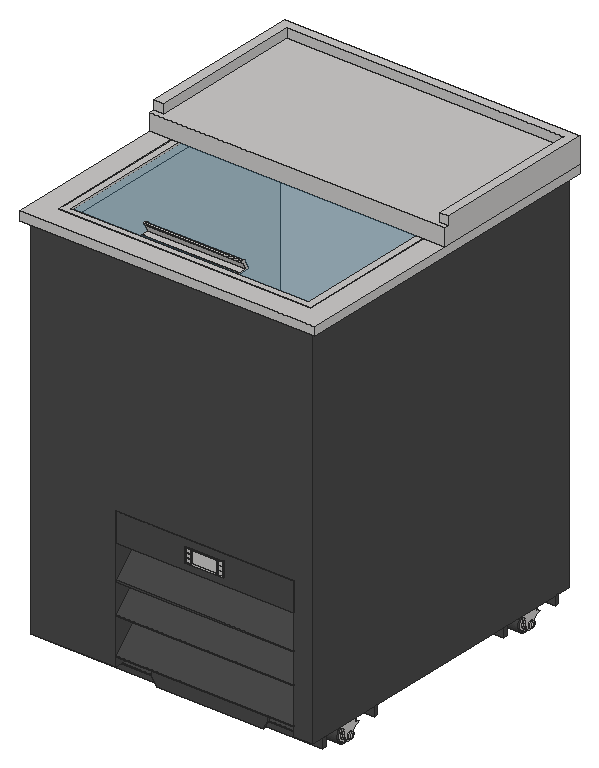
Revit family "QF_Kelvinator_738327_KCHGF24", category Specialty Equipment, Revit 2021
Family settings
  Round Connector Dimension = Use Diameter
  Part Type = Normal
  Work Plane-Based = No
  Always vertical = Yes
  Cut with Voids When Loaded = No
  Shared = No
  Room Calculation Point = No
Parameters
  Weight in Pounds = 121.254
  Weight = 55.00 lbm
  Watts = 0 W
  Volts = 115 V
  URL Manufacturer = "KELVINATOR"
  URL Cutsheet = ""
  URL = "KELVINATOR"
  Specification by User = ""
  Specification by Manufacturer = ""
  Serial Number = ""
  Seismic Rating = ""
  SMACNA No = ""
  Revision Code = ""
  Refrigerant Type = "R290"
  Phase = 1
  Number of Poles = 1
  NAFEM Spec ID Number = ""
  Model = "KCHGF24"
  Min Ckt Ampacity = 0 A
  Max Overcurrent Protection = 0 A
  Masterspec = ""
  Manufacturer = "Kelvinator"
  Length Actual = 612"
  Length = 24 1/8"
  Item Number = "738327"
  Installed By = ""
  Identify Quantity as Lot = yes
  Height Actual = 885"
  Height = 34 13/16"
  HP = "0.9 HP"
  Gas KW = 0
  Furnished By = ""
  Foodservice Equipment Identifier = yes
  FL Amps = 1.5 A
  Electrical Remarks = ""
  Electric Connection Type = ""
  Elec Conn RI Height = 0"
  Elec Conn Connection Height = 0"
  Description = "SLIDE TOP MUG/GLASS FROSTER 24\" LONG"
  Depth Actual = 687"
  Depth = 27 1/16"
  Default Elevation = 0"
  Cycle = 60 Hz
  Conn Plug = "5-15P"
  Conn Conduit = yes
  CSI MasterFormat = ""
  Apparent Power = 0 VA
  Accessory = no
Reference planes (in)
  plane 1 "BACK": y = 0
  plane 2: z = 0
  plane 3 "LEFT": x = 0
  plane 4 "RIGHT": x = 24.125
  plane 5 "FRONT": y = -27.0625
  plane 6 "TOP": z = 34.8125
  plane 7 "Center Y": x = 12.0625
  plane 8 "Center X": y = -13.53125
Dimensions and locks (in)
  equal spacing: plane 3 "LEFT", plane 7 "Center Y", plane 4 "RIGHT"
  "Length": plane 3 "LEFT" to plane 4 "RIGHT"
  equal spacing: plane 5 "FRONT", plane 8 "Center X", plane 1 "BACK"
  "Depth": plane 5 "FRONT" to plane 1 "BACK"
  "Height": plane 6 "TOP" to level
  aligned and locked: level to plane 2
Nested families (in)
  nested 1: "Family1" at (0, 0, 0), type "Family1"
Connectors (in)
  electrical at (10.2045, -1.10078, 1.25331), driven by "Volts", driven by "Watts"
    settings: on nested 1, index 1, voltage 115 V, apparent load 0 VA, apparent load phase1 0 VA, apparent load phase2 0 VA, apparent load phase3 0 VA, power factor 1, load classification "Power", number of poles 1, system type 30, power factor state 1, is connector primary yes, connector utility no, sub classification motor no, connector description "Electrical Connection"
Definition of nested family "Family1"
  Parameters (values of type "Family1")
    Weight in Pounds = 0
    URL Cutsheet = ""
    Specification by User = ""
    Specification by Manufacturer = ""
    Serial Number = ""
    Seismic Rating = ""
    SMACNA No = ""
    Revision Code = ""
    NAFEM Spec ID Number = ""
    Masterspec = ""
    Length = 24.094"
    Item Number = ""
    Installed By = ""
    Identify Quantity as Lot = yes
    Height = 34.843"
    Furnished By = ""
    Foodservice Equipment Identifier = yes
    Depth = 27.047"
    Default Elevation = 0"
    CSI MasterFormat = ""
  Reference planes (in)
    plane 1 "BACK": y = 0
    plane 2: z = 0
    plane 3 "LEFT": x = 0
    plane 4 "RIGHT": x = 24.094
    plane 5 "FRONT": y = -27.047
    plane 6 "TOP": z = 34.843
    plane 7 "Center Y": x = 12.047
    plane 8 "Center X": y = -13.5235
    plane 9: z = 1.7375
    plane 10: z = 13.2
    plane 11: x = 22.5565
    plane 12: x = 1.5
    plane 13: y = -26.5735
    plane 14: y = -0.4735
    plane 15: x = 23.5795
    plane 16: x = 0.5145
    plane 17: z = 32.7275
    plane 18: z = 32.0275
    plane 19: x = 24.125
    plane 20: y = -27.0625
    plane 21: z = 34.8125
  Forms (in)
    Extrusion 1, solid
      sketch origin (0, 0, 0) x (0, 1, 0) y (0, 0, 1)
        loop
          line (-26.5735, 32.0275) -> (-26.5735, 1.7375) -> (-0.4735, 1.7375) -> (-0.4735, 32.0275) -> (-26.5735, 32.0275)
      from 0.5145 to 23.5795
    Extrusion 2, solid
      sketch origin (0, 0, 7.1225) x (0, 1, 0) y (0, 0, 1)
        loop
          line (-27.0625, 24.905) -> (0, 24.905) -> (0, 25.605) -> (-27.0625, 25.605) -> (-27.0625, 24.905)
      from 0 to 24.125
    Extrusion 3, solid
      sketch origin (0, 0, 0) x (0, 1, 0) y (0, 0, 1)
        loop
          line (-13.75, 32.7275) -> (0, 32.7275) -> (0, 34.093) -> (-13.75, 34.093) -> (-13.75, 32.7275)
      from 0 to 24.125
    Extrusion 4, solid
      sketch origin (0, 0, 34.093) x (0, -1, 0) y (1, 0, 0)
        loop
          line (0, 24.125) -> (0, 0) -> (13.33441, 0) -> (13.33441, 0.75) -> (0.69634, 0.75) -> (0.69634, 23.375) -> (13.33441, 23.375) -> (13.33441, 24.125) -> (0, 24.125)
      from 0 to 0.7195
    Extrusion 5, void
      sketch origin (0, 0.25, 32.7275) x (1, 0, 0) y (0, -1, 0)
        loop
          line (1.7475, 2.9345) -> (22.3375, 2.9345) -> (22.3375, 25.05) -> (1.7475, 25.05) -> (1.7475, 2.9345)
      from 0 to 17.9
    Extrusion 6, solid
      sketch origin (0, -27.047, 32.0275) x (1, 0, 0) y (0, -1, 0)
        loop
          line (2.35625, -16.74637) -> (21.8375, -16.74637) -> (21.8375, -2.247) -> (2.35625, -2.247) -> (2.35625, -16.74637)
      from 0 to -0.57542
    Extrusion 7, solid
      sketch origin (12.047, -181, 39.197) x (0, 0, -1) y (0, -1, 0)
        loop
          arc (6.4695, -156.32682) -> (6.4445, -156.30182) -> (6.4195, -156.32682) r 0.025
          line (6.4195, -156.32682) -> (6.4195, -156.96622) -> (5.86732, -156.69013)
          arc (5.86732, -156.69013) -> (5.79987, -156.64151) -> (5.75125, -156.57405) r 0.25955
          arc (5.75125, -156.57405) -> (5.69185, -156.58585) -> (5.65694, -156.63533) r 0.08161
          arc (5.65694, -156.63533) -> (5.67142, -156.77836) -> (5.77169, -156.8814) r 0.21839
          line (5.77169, -156.8814) -> (6.40165, -157.19639)
          arc (6.40165, -157.19639) -> (6.44727, -157.19433) -> (6.4695, -157.15445) r 0.04688
          line (6.4695, -157.15445) -> (6.4695, -156.32682)
      from -4 to 4
    Extrusion 8, void
      sketch origin (34.879, -27.76247, 48) x (0, -1, 0) y (0, 0, -1)
        loop
          line (-0.93897, 46.5) -> (-3.02319, 46.5) -> (-3.02319, 34.8) -> (-0.93897, 34.8) -> (-0.93897, 46.5)
      from -12.835 to -27.435
    Extrusion 9, solid
      sketch origin (16.28737, -26.5735, 2.88123) x (-1, 0, 0) y (0, 0, 1)
        loop
          line (3.11817, 9.70772) -> (-0.03143, 9.70772) -> (-0.03143, 8.52662) -> (3.11817, 8.52662) -> (3.11817, 9.70772)
        loop
          line (3.03943, 9.63107) -> (2.64573, 9.63107) -> (2.64573, 9.31193) -> (3.03943, 9.31193) -> (3.03943, 9.63107)
        loop
          line (3.03943, 9.27674) -> (2.64573, 9.27674) -> (2.64573, 8.9576) -> (3.03943, 8.9576) -> (3.03943, 9.27674)
        loop
          line (3.03943, 8.92241) -> (2.64573, 8.92241) -> (2.64573, 8.60327) -> (3.03943, 8.60327) -> (3.03943, 8.92241)
        loop
          line (0.04731, 9.63107) -> (0.04731, 9.31193) -> (0.44101, 9.31193) -> (0.44101, 9.63107) -> (0.04731, 9.63107)
        loop
          line (0.04731, 9.27674) -> (0.04731, 8.9576) -> (0.44101, 8.9576) -> (0.44101, 9.27674) -> (0.04731, 9.27674)
        loop
          line (0.04731, 8.92241) -> (0.04731, 8.60327) -> (0.44101, 8.60327) -> (0.44101, 8.92241) -> (0.04731, 8.92241)
        loop
          line (2.56825, 9.63107) -> (0.51849, 9.63107) -> (0.51849, 8.60716) -> (2.56825, 8.60716) -> (2.56825, 9.63107)
      from 0.07874 to -0.04602
    Extrusion 10, solid
      sketch origin (16.28737, -26.61952, 2.88123) x (1, 0, 0) y (0, 0, 1)
        loop
          line (-0.44101, 9.63107) -> (-0.44101, 9.31193) -> (-0.04731, 9.31193) -> (-0.04731, 9.63107) -> (-0.44101, 9.63107)
        loop
          line (-0.44101, 9.27674) -> (-0.44101, 8.9576) -> (-0.04731, 8.9576) -> (-0.04731, 9.27674) -> (-0.44101, 9.27674)
        loop
          line (-0.44101, 8.92241) -> (-0.44101, 8.60327) -> (-0.04731, 8.60327) -> (-0.04731, 8.92241) -> (-0.44101, 8.92241)
        loop
          line (-2.64573, 9.63107) -> (-3.03943, 9.63107) -> (-3.03943, 9.31193) -> (-2.64573, 9.31193) -> (-2.64573, 9.63107)
        loop
          line (-2.64573, 9.27674) -> (-3.03943, 9.27674) -> (-3.03943, 8.9576) -> (-2.64573, 8.9576) -> (-2.64573, 9.27674)
        loop
          line (-2.64573, 8.92241) -> (-3.03943, 8.92241) -> (-3.03943, 8.60327) -> (-2.64573, 8.60327) -> (-2.64573, 8.92241)
      from 0 to -0.07874
    Extrusion 11, solid
      sketch origin (16.28737, -26.61952, 2.88123) x (1, 0, 0) y (0, 0, 1)
        loop
          line (-2.56825, 9.63107) -> (-2.56825, 8.60716) -> (-0.51849, 8.60716) -> (-0.51849, 9.63107) -> (-2.56825, 9.63107)
      from 0 to -0.07874
    Extrusion 12, void
      sketch origin (16.28737, -26.5735, 2.88123) x (-1, 0, 0) y (0, 0, 1)
        loop
          line (3.11817, 9.70772) -> (-0.03143, 9.70772) -> (-0.03143, 8.52662) -> (3.11817, 8.52662) -> (3.11817, 9.70772)
      from 0 to 0.07874
    Extrusion 13, solid
      sketch origin (11.325, -0.575, 1.7375) x (-1, 0, 0) y (0, 1, 0)
        loop
          circle (1.1205, -0.52578) r 0.25
      from 0 to 0.48419
    Extrusion 14, solid
      sketch origin (0, 0, 32.7275) x (0, -1, 0) y (1, 0, 0)
        loop
          line (10.30063, 1.7475) -> (25.3, 1.7475) -> (25.3, 22.3375) -> (10.30063, 22.3375) -> (10.30063, 21.8375) -> (24.8, 21.8375) -> (24.8, 2.35625) -> (10.30063, 2.35625) -> (10.30063, 1.7475)
      from 0 to -0.75
    Extrusion 15, solid
      sketch origin (0.5145, 0, 0) x (0, -1, 0) y (0, 0, 1)
        loop
          line (25.547, 1.7375) -> (25.297, 1.7375) -> (25.297, 0.9875) -> (25.547, 0.9875) -> (25.547, 1.7375)
        loop
          line (20.01664, 1.7375) -> (20.01664, 0.9875) -> (20.26664, 0.9875) -> (20.26664, 1.7375) -> (20.01664, 1.7375)
        loop
          line (7.047, 1.7375) -> (6.797, 1.7375) -> (6.797, 0.9875) -> (7.047, 0.9875) -> (7.047, 1.7375)
        loop
          line (1.51664, 1.7375) -> (1.51664, 0.9875) -> (1.76664, 0.9875) -> (1.76664, 1.7375) -> (1.51664, 1.7375)
      from 0 to -23.065
    Extrusion 16, solid
      sketch origin (0, -26.5735, 1.7375) x (0, 0, 1) y (-1, 0, 0)
        loop
          line (9.0593, -7.444) -> (9.0593, -22.044) -> (11.4625, -22.044) -> (11.4625, -7.444) -> (9.0593, -7.444)
      from 0 to -1.789
    Extrusion 17, solid
      sketch origin (7.444, -27.76247, 48) x (0, -1, 0) y (0, 0, -1)
        loop
          line (-1.18897, 45.5125) -> (-3.02319, 43.67828) -> (-3.02319, 43.42828) -> (-2.96019, 43.42828) -> (-2.96019, 43.65218) -> (-1.18897, 45.4234) -> (-1.18897, 45.5125)
        loop
          line (-1.18897, 42.5125) -> (-3.02319, 40.67828) -> (-3.02319, 40.42828) -> (-2.96019, 40.42828) -> (-2.96019, 40.65218) -> (-1.18897, 42.4234) -> (-1.18897, 42.5125)
        loop
          line (-1.18897, 40.0125) -> (-3.02319, 38.17828) -> (-3.02319, 37.92828) -> (-2.96019, 37.92828) -> (-2.96019, 38.15218) -> (-1.18897, 39.9234) -> (-1.18897, 40.0125)
        loop
          line (-3.02319, 46.2625) -> (-3.02319, 46.1995) -> (-1.77319, 46.1995) -> (-1.77319, 46.2625) -> (-3.02319, 46.2625)
      from 0 to 14.6
    Extrusion 18, solid
      sketch origin (7.444, -25.98928, 1.8005) x (0, 0, -1) y (1, 0, 0)
        loop
          line (-0.687, 12.05) -> (-0.687, 2.55) -> (0.063, 2.55) -> (0.71252, 2.925) -> (0.71252, 11.675) -> (0.063, 12.05) -> (-0.687, 12.05)
      from 0 to 0.063
  Cuts and joins
    joined: Extrusion 3, Extrusion 4
    Extrusion 5, Extrusion 8 cuts Extrusion 1
    Extrusion 5 cuts Extrusion 2
    Extrusion 12 cuts Extrusion 9
  Lines and regions (in)
    symbolic lines
      curve 1: line (0.75, -0.69634, 0) -> (23.344, -0.69634, 0)
      curve 2: line (24.125, 0, 0) -> (0, 0, 0)
      curve 3: line (0.75, -13.33441, 0) -> (0.75, -0.69634, 0)
      curve 4: line (0, 0, 0) -> (0, -27.0625, 0)
      curve 5: line (24.125, -27.0625, 0) -> (24.125, 0, 0)
      curve 6: line (23.344, -0.69634, 0) -> (23.344, -13.33441, 0)
      curve 7: line (23.344, -13.33441, 0) -> (24.125, -13.33441, 0)
      curve 8: line (0, -13.75, 0) -> (24.125, -13.75, 0)
      curve 9: line (0, -13.33441, 0) -> (0.75, -13.33441, 0)
      curve 10: line (0, -27.0625, 0) -> (24.125, -27.0625, 0)
      curve 11: line (1.7475, -25.2845, 0) -> (22.3065, -25.2845, 0)
      curve 12: line (1.7475, -13.75, 0) -> (1.7475, -25.2845, 0)
      curve 13: line (2.35625, -13.75, 0) -> (2.35625, -24.7845, 0)
      curve 14: line (22.3065, -13.75, 0) -> (22.3065, -25.2845, 0)
      curve 15: line (21.8065, -13.75, 0) -> (21.8065, -24.7845, 0)
      curve 16: line (21.8065, -24.7845, 0) -> (2.35625, -24.7845, 0)
      curve 17: line (16.047, -24.42595, 0) -> (8.047, -24.42595, 0)
      curve 18: line (16.047, -24.69818, 0) -> (16.047, -23.79866, 0)
      curve 19: line (8.047, -23.79866, 0) -> (8.047, -24.69818, 0)
      curve 20: line (8.047, -23.79866, 0) -> (16.047, -23.79866, 0)
      curve 21: line (8.047, -24.69818, 0) -> (16.047, -24.69818, 0)
      curve 22: line (2.35625, -23.72382, 0) -> (21.8065, -23.72382, 0)
  Dimensions and locks (in)
    equal spacing: plane 3 "LEFT", plane 7 "Center Y", plane 4 "RIGHT"
    "Length": plane 3 "LEFT" to plane 4 "RIGHT"
    equal spacing: plane 5 "FRONT", plane 8 "Center X", plane 1 "BACK"
    "Depth": plane 5 "FRONT" to plane 1 "BACK"
    "Height": plane 6 "TOP" to level
    plane 10 to cut or joined group of Extrusion 1, Extrusion 5, Extrusion 8 = 11.4625"
    locked: plane 4 "RIGHT" to plane 11 at 1.5375
    plane 13 to plane 14 = 26.1"
    plane 16 to plane 15 = 23.065"
    plane 9 to level = 1.7375"
    plane 18 to plane 17 = 0.7"
    cut or joined group of Extrusion 1, Extrusion 5, Extrusion 8 to cut or joined group of Extrusion 1, Extrusion 5, Extrusion 8 = 22.1155"
    locked: plane 15 to plane 4 "RIGHT" at 0.5145
    plane 3 "LEFT" to plane 19 = 24 1/8"
    plane 1 "BACK" to plane 20 = 27 1/16"
    plane 21 to level = 34 13/16"
    aligned and locked: level to plane 2
    aligned and locked: plane 11 to nested 3
    aligned and locked: cut or joined group of Extrusion 2, Extrusion 5 to Extrusion 14
    aligned and locked: Extrusion 14 to curve 12
    aligned and locked: plane 11 to nested 1
    aligned and locked: Extrusion 14 sketch curve to cut or joined group of Extrusion 2, Extrusion 5
    aligned and locked: cut or joined group of Extrusion 1, Extrusion 5, Extrusion 8 to Extrusion 17
    aligned and locked: cut or joined group of Extrusion 1, Extrusion 5, Extrusion 8 to plane 15
  Automatic sketch dimensions
    plane 1 "BACK" to Extrusion 1 sketch curve = 0.4735"
    Extrusion 1 sketch curve to plane 9 = 0"
    plane 5 "FRONT" to Extrusion 2 sketch curve = 0.0155"
    Extrusion 2 sketch curve to plane 1 "BACK" = 0"
    Extrusion 3 sketch curve to plane 1 "BACK" = 0"
    Extrusion 3 sketch curve to plane 6 "TOP" = 3/4"
    Extrusion 2 to Extrusion 5 sketch curve = 1.7475"
    Extrusion 2 to Extrusion 5 sketch curve = 1.7875"
    Extrusion 5 sketch curve to Extrusion 2 = 2.2625"
    Extrusion 6 sketch curve to Extrusion 2 = 2.35625"
    Extrusion 6 sketch curve to Extrusion 2 = 2.2625"
    Extrusion 6 sketch curve to Extrusion 6 sketch curve = 19.48125"
    Extrusion 6 sketch curve to Extrusion 2 = 10.30063"
    Extrusion 9 sketch curve to plane 10 = 0.61105"
    Extrusion 9 sketch curve to Extrusion 9 sketch curve = 0.07874"  (x3)
    Extrusion 9 sketch curve to Extrusion 9 sketch curve = 0"  (x8)
    Extrusion 9 sketch curve to Extrusion 9 sketch curve = 0.3937"  (x2)
    Extrusion 9 sketch curve to Extrusion 9 sketch curve = 0.07748"  (x3)
    Extrusion 9 sketch curve to Extrusion 9 sketch curve = 2.04976"
    Extrusion 9 sketch curve to Extrusion 9 sketch curve = 0.07665"  (x2)
    Extrusion 9 sketch curve to Extrusion 9 sketch curve = 0.31914"  (x6)
    Extrusion 9 sketch curve to Extrusion 9 sketch curve = 0.03519"  (x4)
    Extrusion 9 sketch curve to Extrusion 9 sketch curve = 0.31525"
    Extrusion 9 to Extrusion 10 sketch curve = 0"  (x10)
    Extrusion 10 sketch curve to Extrusion 9 = 0"  (x14)
    Extrusion 11 sketch curve to Extrusion 9 = 0"  (x3)
    Extrusion 9 to Extrusion 11 sketch curve = 0"
    Extrusion 12 sketch curve to plane 10 = 0.61105"
    Extrusion 12 sketch curve to Extrusion 12 sketch curve = 3.14961"
    Extrusion 12 sketch curve to Extrusion 12 sketch curve = 1.1811"
    Extrusion 1 to Extrusion 13 sketch curve = 0.62728"
    Extrusion 13 sketch curve to Extrusion 1 = 13 3/8"
    Extrusion 2 sketch curve to Extrusion 2 sketch curve = 0.7"
    Extrusion 1 sketch curve to plane 6 "TOP" = 2.8155"
    Extrusion 2 sketch curve to plane 6 "TOP" = 2.8155"
    Extrusion 3 sketch curve to Extrusion 3 sketch curve = 1.3655"
    Extrusion 1 sketch curve to plane 5 "FRONT" = 0.4735"
    Extrusion 7 sketch curve to plane 6 "TOP" = 1.38232"
    Extrusion 7 sketch curve to Extrusion 7 sketch curve = 0.03537"
    Extrusion 7 sketch curve to Extrusion 7 sketch curve = 0.13101"
    Extrusion 7 sketch curve to Extrusion 7 sketch curve = 0.00203"
    Extrusion 7 sketch curve to Extrusion 7 sketch curve = 0.11405"
    Extrusion 7 sketch curve to Extrusion 7 sketch curve = 0.02097"
    Extrusion 7 sketch curve to Extrusion 7 sketch curve = 0.4611"
    Extrusion 7 sketch curve to Extrusion 7 sketch curve = 3/64"
    Extrusion 7 sketch curve to plane 5 "FRONT" = 3.24339"
    Extrusion 7 sketch curve to Extrusion 7 sketch curve = 0.31498"
    Extrusion 7 sketch curve to Extrusion 7 sketch curve = 0.19128"
    Extrusion 7 sketch curve to Extrusion 7 sketch curve = 0.00406"
    Extrusion 7 sketch curve to Extrusion 7 sketch curve = 0.03584"
    Extrusion 7 sketch curve to Extrusion 7 sketch curve = 0.22809"
    Extrusion 7 sketch curve to Extrusion 7 sketch curve = 0.13115"
    Extrusion 7 sketch curve to Extrusion 7 sketch curve = 0"
    Extrusion 7 sketch curve to Extrusion 7 sketch curve = 0.00312"
    Extrusion 7 sketch curve to Extrusion 7 sketch curve = 0.18824"
    Extrusion 3 sketch curve to plane 8 "Center X" = 0.2265"
    plane 1 "BACK" to curve 4 = 0"
    curve 4 to plane 3 "LEFT" = 0"
    curve 5 to plane 4 "RIGHT" = 0.031"
    plane 5 "FRONT" to curve 5 = 0.0155"
    plane 3 "LEFT" to curve 3 = 3/4"
    curve 21 to plane 7 "Center Y" = 4"
    curve 11 to curve 16 = 1/2"
    plane 8 "Center X" to curve 9 = 0.18909"
    plane 8 "Center X" to curve 7 = 0.18909"
    curve 19 to curve 17 = 0.27223"
    curve 12 to plane 8 "Center X" = 0.2265"
    Extrusion 2 to Extrusion 14 sketch curve = 1.7475"
    Extrusion 2 to Extrusion 14 sketch curve = 10.30063"  (x2)
    Extrusion 2 to Extrusion 14 sketch curve = 2.2875"
    Extrusion 14 sketch curve to Extrusion 2 = 2.2625"
    Extrusion 14 sketch curve to Extrusion 14 sketch curve = 1/2"
    Extrusion 14 sketch curve to Extrusion 14 sketch curve = 0.60875"
    curve 12 to plane 5 "FRONT" = 1.7625"
    curve 19 to plane 5 "FRONT" = 2.34882"
    curve 17 to curve 20 = 0.62728"
    curve 13 to curve 22 = 1.06068"
    curve 1 to plane 14 = 0.22284"
    curve 11 to plane 11 = 1/4"
    curve 15 to curve 11 = 1/2"
    plane 7 "Center Y" to curve 18 = 4"
    Extrusion 9 sketch curve to plane 11 = 6.2377"
    Extrusion 12 sketch curve to plane 11 = 6.2377"
    curve 11 to curve 13 = 0.60875"
    Extrusion 2 to Extrusion 5 sketch curve = 2.6845"
    Extrusion 1 to Extrusion 15 sketch curve = 0"  (x4)
    Extrusion 15 sketch curve to Extrusion 1 = 1.04314"
    Extrusion 15 sketch curve to Extrusion 15 sketch curve = 1/4"  (x4)
    Extrusion 1 to Extrusion 15 sketch curve = 3/4"
    Extrusion 15 sketch curve to Extrusion 15 sketch curve = 5.03036"
    Extrusion 15 sketch curve to Extrusion 1 = 6.55686"
    Extrusion 15 sketch curve to Extrusion 1 = 1.2765"
    Extrusion 15 sketch curve to Extrusion 15 sketch curve = 3/4"  (x3)
    plane 9 to Extrusion 8 sketch curve = 0.2375"
    Extrusion 8 sketch curve to plane 13 = 1.83422"
    plane 5 "FRONT" to Extrusion 8 sketch curve = 0.2235"
    plane 10 to Extrusion 8 sketch curve = 0"
    Extrusion 1 to Extrusion 16 sketch curve = 1.5355"
    Extrusion 16 sketch curve to Extrusion 1 = 9.0593"
    Extrusion 16 sketch curve to Extrusion 16 sketch curve = 2.4032"
    Extrusion 16 sketch curve to Extrusion 16 sketch curve = 14.6"
    Extrusion 17 sketch curve to Extrusion 8 = 0"  (x4)
    Extrusion 8 to Extrusion 17 sketch curve = 0.063"  (x2)
    Extrusion 17 sketch curve to Extrusion 17 sketch curve = 0.063"  (x2)
    Extrusion 8 to Extrusion 17 sketch curve = 1/4"  (x3)
    Extrusion 8 to Extrusion 17 sketch curve = 0.2375"
    Extrusion 17 sketch curve to Extrusion 17 sketch curve = 0.687"
    Extrusion 17 sketch curve to Extrusion 17 sketch curve = 0.0891"  (x3)
    Extrusion 17 sketch curve to Extrusion 17 sketch curve = 2.52122"
    Extrusion 17 sketch curve to Extrusion 17 sketch curve = 0.0261"  (x3)
    Extrusion 17 sketch curve to Extrusion 17 sketch curve = 0.2239"  (x3)
    Extrusion 17 sketch curve to Extrusion 17 sketch curve = 0.91578"
    Extrusion 17 sketch curve to Extrusion 17 sketch curve = 1.74513"
    Extrusion 17 sketch curve to Extrusion 17 sketch curve = 0.41578"
    Extrusion 17 sketch curve to Extrusion 17 sketch curve = 2 1/4"
    Extrusion 8 to Extrusion 17 sketch curve = 0.83422"
    Extrusion 18 sketch curve to Extrusion 17 = 0"  (x2)
    Extrusion 18 sketch curve to Extrusion 17 = 0.64952"
    Extrusion 17 to Extrusion 18 sketch curve = 2.55"
    Extrusion 18 sketch curve to Extrusion 18 sketch curve = 3/8"  (x2)
    Extrusion 17 to Extrusion 18 sketch curve = 2.925"
    Extrusion 18 sketch curve to Extrusion 17 = 0.687"
    curve 6 to plane 15 = 0.2355"
    Extrusion 4 sketch curve to Extrusion 3 = 0"  (x3)
    Extrusion 3 to Extrusion 4 sketch curve = 0.69634"
    Extrusion 4 sketch curve to Extrusion 3 = 0.41559"  (x2)
    Extrusion 3 to Extrusion 4 sketch curve = 3/4"  (x2)
    radius of Extrusion 13 sketch curve = 1/4"
  Nested families (in)
    nested 1: "2 INCHES_CASTER" at (22.5565, -23.25, 0), type "2 INCHES_CASTER"
      with Type Mark "", Specification by User "", Revision Code "", Item Number "", Installed By "", Identify Quantity as Lot yes, Furnished By "", Foodservice Equipment Identifier yes, 2.5 Inches Caster yes
    nested 2: "2 INCHES_CASTER" at (1.5, -23.25, 0), type "2 INCHES_CASTER"
      with Type Mark "", Specification by User "", Revision Code "", Item Number "", Installed By "", Identify Quantity as Lot yes, Furnished By "", Foodservice Equipment Identifier yes, 2.5 Inches Caster yes
    nested 3: "2 INCHES_CASTER" at (22.5565, -4.75, 0), type "2 INCHES_CASTER"
      with Type Mark "", Specification by User "", Revision Code "", Item Number "", Installed By "", Identify Quantity as Lot yes, Furnished By "", Foodservice Equipment Identifier yes, 2.5 Inches Caster yes
    nested 4: "2 INCHES_CASTER" at (1.5, -4.75, 0), type "2 INCHES_CASTER"
      with Type Mark "", Specification by User "", Revision Code "", Item Number "", Installed By "", Identify Quantity as Lot yes, Furnished By "", Foodservice Equipment Identifier yes, 2.5 Inches Caster yes
  Definition of nested family "2 INCHES_CASTER"
    Parameters (values of type "2 INCHES_CASTER")
      Weight = ""
      URL Manufacturer = ""
      URL Cutsheet = ""
      URL = ""
      Type Mark [instance] = ""
      Specification by User [instance] = ""
      Specification by Manufacturer = ""
      Serial Number = ""
      Seismic Rating = ""
      SMACNA No = ""
      Revision Code [instance] = ""
      Omniclass Number and Title = ""
      NAFEM Spec ID Number = ""
      Model = ""
      MasterSpec. = ""
      Manufacturer = ""
      Item Number [instance] = ""
      Installed By [instance] = ""
      Identify Quantity as Lot [instance] = yes
      Furnished By [instance] = ""
      Foodservice Equipment Identifier [instance] = yes
      Description = ""
      Default Elevation = 0"
      CSI MasterFormat = ""
      CSI Master Format = ""
      Assembly Code = ""
      2.5 Inches Caster [instance] = yes
    Reference planes (in)
      plane 1: z = 0
      plane 2 "RIGHT": x = 0
      plane 3 "FRONT": y = 0
      plane 4 "TOP": z = 1.8125
    Forms (in)
      Revolve 1, solid, visible <- "2.5 Inches Caster"
        sketch origin (-1.93794, 0.46818, -1.0041) x (1, 0, 0) y (0, 0, 1)
          loop
            line (0.74055, 1.73847) -> (0.74055, 1.66297) -> (0.79055, 1.61297) -> (0.85055, 1.61297) -> (0.85055, 1.4929) -> (1.235, 1.4929) -> (1.235, 1.42555) -> (1.38673, 1.33795) -> (1.4003, 1.2541) -> (1.34375, 1.2541) -> (1.34375, 1.1291) -> (1.375, 1.1291) -> (1.375, 1.0041) -> (2.48438, 1.0041) -> (2.48438, 1.1291) -> (2.51563, 1.1291) -> (2.51563, 1.2541) -> (2.45908, 1.2541) -> (2.47322, 1.34147) -> (2.62438, 1.42874) -> (2.62438, 1.4929) -> (3.04007, 1.4929) -> (3.04007, 1.61297) -> (3.10007, 1.61297) -> (3.15007, 1.66297) -> (3.15007, 1.73847) -> (0.74055, 1.73847)
          axis (0.74055, 1.73847) -> (3.15007, 1.73847)
        angle from 0 to 360
      Extrusion 2, solid, visible <- "2.5 Inches Caster"
        sketch origin (-1.93794, 1.43296, -3.54027) x (0, 1, 0) y (0, 0, 1)
          loop
            line (-0.72106, 5.25902) -> (-2.13481, 5.25902) -> (-2.13481, 5.15394) -> (-1.37414, 5.15394)
            arc (-1.37414, 5.15394) -> (-0.65149, 5.07387) -> (0.00081, 4.75271) r 2.10495
            line (0.00081, 4.75271) -> (0.049, 4.81943)
            arc (0.049, 4.81943) -> (-0.15067, 4.97001) -> (-0.36861, 5.09269) r 1.8753
            line (-0.36861, 5.09269) -> (-0.31311, 5.18871)
            arc (-0.31311, 5.18871) -> (-0.51408, 5.24132) -> (-0.72106, 5.25902) r 1.21859
        from 1.17357 to 2.70231
      Revolve 3, solid, visible <- "2.5 Inches Caster"
        sketch origin (0, 1.73858, -3.875) x (0, 1, 0) y (0, 0, 1)
          loop
            line (-1.73858, 5.59375) -> (-1.05793, 5.59375) -> (-1.05793, 5.6875) -> (-1.73858, 5.6875) -> (-1.73858, 5.59375)
          axis (-1.73858, 5.59375) -> (-1.73858, 5.6875)
        angle from 0 to 360
      Extrusion 4, solid, visible <- "2.5 Inches Caster"
        sketch origin (-1.98481, 1.43296, -1.8791) x (0, 1, 0) y (0, 0, 1)
          loop
            line (-2.13481, 3.59785) -> (-2.13481, 3.49277) -> (-1.87092, 3.49277)
            arc (-1.87092, 3.49277) -> (-1.53728, 3.22119) -> (-1.39241, 2.81612) r 0.80048
            arc (-1.39241, 2.81612) -> (-1.36136, 2.62044) -> (-1.29729, 2.43295) r 1.15385
            arc (-1.29729, 2.43295) -> (-0.94802, 2.21237) -> (-0.6121, 2.45278) r 0.37001
            arc (-0.6121, 2.45278) -> (-0.59625, 2.50123) -> (-0.58446, 2.55082) r 0.61695
            arc (-0.58446, 2.55082) -> (-0.40614, 2.91904) -> (-0.02203, 3.05992) r 0.54585
            line (-0.02203, 3.05992) -> (0.049, 3.15825)
            arc (0.049, 3.15825) -> (-0.15067, 3.30884) -> (-0.36861, 3.43151) r 1.8753
            line (-0.36861, 3.43151) -> (-0.31311, 3.52753)
            arc (-0.31311, 3.52753) -> (-0.51408, 3.58014) -> (-0.72106, 3.59785) r 1.21859
            line (-0.72106, 3.59785) -> (-2.13481, 3.59785)
        from 2.74918 to 2.90825
      Extrusion 5, solid, visible <- "2.5 Inches Caster"
        sketch origin (1.98481, 1.43296, -1.8791) x (0, 1, 0) y (0, 0, -1)
          loop
            line (-2.13481, -3.59785) -> (-0.72106, -3.59785)
            arc (-0.72106, -3.59785) -> (-0.51408, -3.58014) -> (-0.31311, -3.52753) r 1.21859
            line (-0.31311, -3.52753) -> (-0.36861, -3.43151)
            arc (-0.36861, -3.43151) -> (-0.15067, -3.30884) -> (0.049, -3.15825) r 1.8753
            line (0.049, -3.15825) -> (-0.02203, -3.05992)
            arc (-0.02203, -3.05992) -> (-0.40614, -2.91904) -> (-0.58446, -2.55082) r 0.54585
            arc (-0.58446, -2.55082) -> (-0.59625, -2.50123) -> (-0.6121, -2.45278) r 0.61695
            arc (-0.6121, -2.45278) -> (-0.94802, -2.21237) -> (-1.29729, -2.43295) r 0.37001
            arc (-1.29729, -2.43295) -> (-1.36136, -2.62044) -> (-1.39241, -2.81612) r 1.15385
            arc (-1.39241, -2.81612) -> (-1.53728, -3.22119) -> (-1.87092, -3.49277) r 0.80048
            line (-1.87092, -3.49277) -> (-2.13481, -3.49277) -> (-2.13481, -3.59785)
        from 2.74918 to 2.90825
    Cuts and joins
      joined: Revolve 1, Extrusion 2, Revolve 3, Extrusion 4, Extrusion 5
    Lines and regions (in)
      symbolic lines, visible <- "2.5 Inches Caster"
        curve 1: line (0.10651, 1.59133, 0) -> (0.80944, 1.1855, 0)
        curve 2: line (-0.89349, -0.14072, 0) -> (0.10651, 1.59133, 0)
        curve 3: line (-0.19056, -0.54656, 0) -> (-0.89349, -0.14072, 0)
        curve 4: line (0.80944, 1.1855, 0) -> (-0.19056, -0.54656, 0)
    Dimensions and locks (in)
      plane 4 "TOP" to level = 1 13/16"  (x2)
      aligned and locked: level to plane 1
